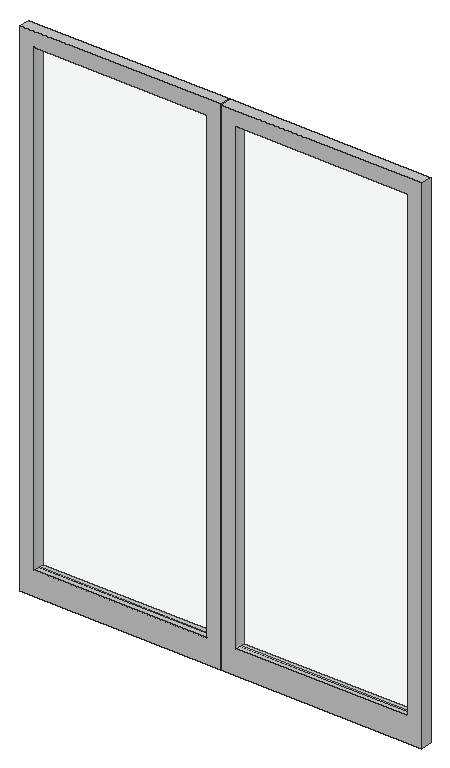
Revit family "Curtain_Door_DORMA_ES200-ST-Flex-Green_2-Leaf", category Türen, Revit 2016
Family settings
  OmniClass-Nummer = 23.30.10.00
  OmniClass-Titel = Doors
  Immer vertikal = Ja
  Beim Laden mit Abzugskörper schneiden = Nein
  Gemeinsam genutzt = Nein
  Raumberechnungspunkt = Nein
Parameters (values of type "ST Flex Green Double Door")
  _current revision = 1  # constant formula
  _created by = "www.bimstore.co.uk"
  _author = ""
  Dicke = 45.00 mm
  Offset = 60.00 mm
  Glazing = Glass-Dorma Glazing-Clear
  Glass Thickness = 6.00 mm
  Funktion = Innen
  Frame = Aluminium-Dorma Metal-Anodized Silver
  Double Door Panel Width [instance] = 1694.40 mm
  Door Panel Width [instance] = Double Door Panel Width / 2 - 1.00 mm  # 846.20 mm
  Door Panel Thickness = Dicke  # 45.00 mm
  Door Panel Height [instance] = 2133.60 mm
  Analytische Konstruktion = "<None>"
Reference planes
  plane 1 "Center (Front/Back)": y = 0
  plane 2: z = 0
  plane 3 "Center (Left/Right)": x = 82.523
  plane 4: x = -764.677
  plane 5: x = 929.723
  plane 6 "Top": z = 2133.6
  plane 7: y = -60
  plane 8: y = -57
  plane 9: y = -63
  plane 10: y = -37.5
  plane 11: y = -82.5
  plane 12: x = 83.523
  plane 13: x = 81.523
  plane 14: x = -1610.877
  plane 15: x = 1775.923
  plane 16: x = -1560.877
  plane 17: x = 1725.923
Forms (mm)
  Extrusion 1, solid, material "Aluminium-Dorma Metal-Anodized Silver" <- "Frame"
    sketch origin (0, 0, 0) x (1, 0, 0) y (0, 0, 1)
      loop
        line (929.723, 2133.6) -> (83.523, 2133.6) -> (83.523, 0) -> (929.723, 0) -> (929.723, 2133.6)
      loop
        line (-764.677, 2133.6) -> (-764.677, 0) -> (81.523, 0) -> (81.523, 2133.6) -> (-764.677, 2133.6)
      loop
        line (869.723, 2073.6) -> (143.523, 2073.6) -> (143.523, 100) -> (869.723, 100) -> (869.723, 2073.6)
      loop
        line (21.523, 100) -> (21.523, 2073.6) -> (-704.677, 2073.6) -> (-704.677, 100) -> (21.523, 100)
    from 37.5 to 82.5
  Extrusion 2, solid, material "Glass-Dorma Glazing-Clear" <- "Glazing"
    sketch origin (0, 0, 0) x (1, 0, 0) y (0, 0, 1)
      loop
        line (869.723, 2073.6) -> (143.523, 2073.6) -> (143.523, 100) -> (869.723, 100) -> (869.723, 2073.6)
      loop
        line (21.523, 2073.6) -> (-704.677, 2073.6) -> (-704.677, 100) -> (21.523, 100) -> (21.523, 2073.6)
    from 57 to 63
Lines and regions (mm)
  symbolic lines, style "Slide Position"
    curve 1: line (-764.677, -37.5, 0) -> (-1560.877, -37.5, 0)
    curve 2: line (-764.677, -82.5, 0) -> (-764.677, -37.5, 0)
    curve 3: line (-1560.877, -82.5, 0) -> (-764.677, -82.5, 0)
    curve 4: line (-1560.877, -37.5, 0) -> (-1560.877, -82.5, 0)
    curve 5: line (929.723, -82.5, 0) -> (1725.923, -82.5, 0)
    curve 6: line (929.723, -37.5, 0) -> (929.723, -82.5, 0)
    curve 7: line (1725.923, -37.5, 0) -> (929.723, -37.5, 0)
    curve 8: line (1725.923, -82.5, 0) -> (1725.923, -37.5, 0)
Text (mm)
  text "Exterior" at (-1161.5, 797.241, 0), in view "Ref. Level"
Dimensions and locks
  plane 4 to plane 3 "Center (Left/Right)" to plane 5 = 847.20 mm, 847.20 mm
  equal spacing: plane 10, plane 7, plane 11
  equal spacing: plane 8, plane 7, plane 9
  "Dicke": plane 10 to plane 11
  "Glass Thickness": plane 8 to plane 9
  "Offset": plane 7 to plane 1 "Center (Front/Back)"
  locked: Extrusion 1 sketch curve to Extrusion 1 sketch curve at 60  (x6)
  locked: Extrusion 1 sketch curve to Extrusion 1 sketch curve at 100  (x2)
  locked: plane 14 to plane 16 at 50
  locked: plane 17 to plane 15 at 50
  plane 12 to plane 3 "Center (Left/Right)" to plane 13 = 1.00 mm locked, 1.00 mm locked
  "Double Door Panel Width": plane 4 to plane 5
  "Door Panel Height": plane 2 to plane 6 "Top"
  "Door Panel Width": Extrusion 1 sketch curve to plane 5
  "Door Panel Width": plane 4 to Extrusion 1 sketch curve
  "Door Panel Width": plane 14 to plane 4
  "Door Panel Width": plane 5 to plane 15
  aligned and locked: level to plane 2
  aligned and locked: Extrusion 1 sketch curve to plane 6 "Top"
  aligned and locked: Extrusion 1 sketch curve to plane 5
  aligned and locked: Extrusion 1 sketch curve to plane 2
  aligned and locked: plane 6 "Top" to Extrusion 1 sketch curve
  aligned and locked: Extrusion 1 sketch curve to plane 4
  aligned and locked: plane 2 to Extrusion 1 sketch curve
  aligned and locked: plane 10 to Extrusion 1
  aligned and locked: Extrusion 1 to plane 11
  aligned and locked: plane 8 to Extrusion 2
  aligned and locked: Extrusion 2 to plane 9
  aligned and locked: Extrusion 1 to curve 1
  aligned and locked: curve 2 to Extrusion 1
  aligned and locked: curve 3 to plane 11
  aligned and locked: curve 4 to plane 16
  aligned and locked: Extrusion 1 to curve 5
  aligned and locked: curve 6 to Extrusion 1
  aligned and locked: curve 7 to plane 10
  aligned and locked: plane 17 to curve 8
  aligned and locked: Extrusion 2 sketch curve to Extrusion 1  (x2)
Automatic sketch dimensions
  Extrusion 2 sketch curve to plane 4 = 60.00 mm
  level to Extrusion 2 sketch curve = 100.00 mm  (x2)
  plane 6 "Top" to Extrusion 2 sketch curve = 60.00 mm  (x2)
  plane 5 to Extrusion 2 sketch curve = 60.00 mm
